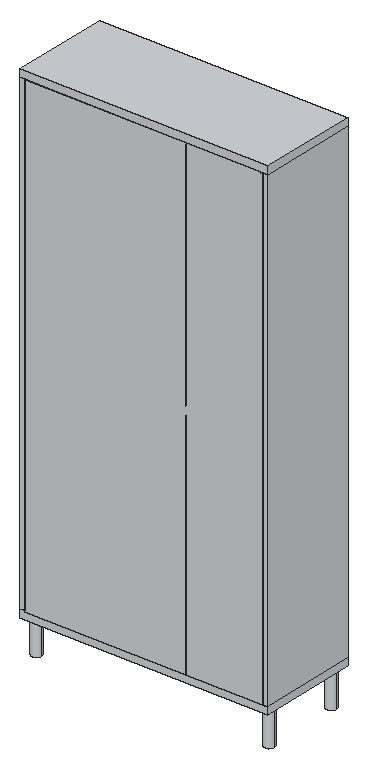
Revit family
Parameters (values of type "1000 x 400mm")
  URL = ""
  Model = ""
  Frame Material = none
  Description = "Shelving unit"
  Base Material = none
  Shelf Material = none
  Manufacturer = "Revit"
  Cost = 0
  Assembly Code = ""
Reference planes
  plane 1 "Centro A/I": y = 0
  plane 2: z = 0
  plane 3 "Centro S/D": x = 0
  plane 4: z = 1140
  plane 5: z = 1110
  plane 6: x = -150
  plane 7: x = -160
  plane 8: x = 170
  plane 9: x = 160
  plane 10: z = 1780
  plane 11: z = 1770
  plane 12: z = 1460
  plane 13: z = 1450
  plane 14: z = 790
  plane 15: z = 780
  plane 16: z = 460
  plane 17: z = 470
Forms (mm)
  Extrusion 1, solid, material <- "Frame Material"
    sketch origin (45.894, 0, 0) x (1, 0, 0) y (0, 1, 0)
      loop
        line (434.106, 208.575) -> (434.106, -191.425) -> (454.106, -191.425) -> (454.106, 208.575) -> (434.106, 208.575)
    from 170 to 2090
  Extrusion 2, solid, material <- "Frame Material"
    sketch origin (-934.106, 0, 0) x (1, 0, 0) y (0, 1, 0)
      loop
        line (434.106, 208.575) -> (434.106, -191.425) -> (454.106, -191.425) -> (454.106, 208.575) -> (434.106, 208.575)
    from 170 to 2090
  Extrusion 3, solid, material <- "Frame Material"
    sketch origin (45.894, 0, 0) x (1, 0, 0) y (0, 1, 0)
      loop
        line (-545.894, 208.575) -> (-545.894, -191.425) -> (454.106, -191.425) -> (454.106, 208.575) -> (-545.894, 208.575)
    from 140 to 170
  Extrusion 4, solid, material <- "Frame Material"
    sketch origin (45.894, 0, 0) x (1, 0, 0) y (0, 1, 0)
      loop
        line (-545.894, 208.575) -> (-545.894, -191.425) -> (454.106, -191.425) -> (454.106, 208.575) -> (-545.894, 208.575)
    from 2090 to 2120
  Extrusion 5, solid, material <- "Base Material"
    sketch origin (70.514, -4.341, 0) x (1, 0, 0) y (0, 1, 0)
      loop
        circle (398.427, -142.477) r 20
    from 0 to 140
  Extrusion 6, solid, material <- "Base Material"
    sketch origin (70.514, 24.341, 0) x (1, 0, 0) y (0, 1, 0)
      loop
        circle (398.427, 142.477) r 20
    from 0 to 140
  Extrusion 7, solid, material <- "Base Material"
    sketch origin (-70.514, -4.341, 0) x (-1, 0, 0) y (0, -1, 0)
      loop
        circle (398.427, 142.477) r 20
    from 0 to 140
  Extrusion 8, solid, material <- "Base Material"
    sketch origin (-70.514, 24.341, 0) x (-1, 0, 0) y (0, -1, 0)
      loop
        circle (398.427, -142.477) r 20
    from 0 to 140
  Extrusion 9, solid, material <- "Frame Material"
    sketch origin (45.894, 0, 0) x (1, 0, 0) y (0, 1, 0)
      loop
        line (-525.894, 208.575) -> (-525.894, -191.425) -> (434.106, -191.425) -> (434.106, 208.575) -> (-525.894, 208.575)
    from 1110 to 1140
  Extrusion 10, solid, material <- "Shelf Material"
    sketch origin (45.894, 0, 120) x (1, 0, 0) y (0, 1, 0)
      loop
        line (-205.894, 194.228) -> (-205.894, -191.425) -> (-195.894, -191.425) -> (-195.894, 194.228) -> (-205.894, 194.228)
    from 1020 to 1970
  Extrusion 11, solid, material <- "Shelf Material"
    sketch origin (365.894, 0, 120) x (1, 0, 0) y (0, 1, 0)
      loop
        line (-205.894, 194.228) -> (-205.894, -191.425) -> (-195.894, -191.425) -> (-195.894, 194.228) -> (-205.894, 194.228)
    from 1020 to 1970
  Extrusion 12, solid, material <- "Shelf Material"
    sketch origin (45.894, 0, -940) x (1, 0, 0) y (0, 1, 0)
      loop
        line (-205.894, 194.228) -> (-205.894, -191.425) -> (-195.894, -191.425) -> (-195.894, 194.228) -> (-205.894, 194.228)
    from 1110 to 2050
  Extrusion 13, solid, material <- "Shelf Material"
    sketch origin (365.894, 0, -940) x (1, 0, 0) y (0, 1, 0)
      loop
        line (-205.894, 194.228) -> (-205.894, -191.425) -> (-195.894, -191.425) -> (-195.894, 194.228) -> (-205.894, 194.228)
    from 1110 to 2050
  Extrusion 14, solid, material <- "Shelf Material"
    sketch origin (195.894, 0, 120) x (1, 0, 0) y (0, 1, 0)
      loop
        line (-25.894, 180) -> (-25.894, -186.276) -> (284.106, -186.276) -> (284.106, 180) -> (-25.894, 180)
    from 1650 to 1660
  Extrusion 15, solid, material <- "Shelf Material"
    sketch origin (-124.106, 0, 120) x (1, 0, 0) y (0, 1, 0)
      loop
        line (-25.894, 180) -> (-25.894, -186.276) -> (284.106, -186.276) -> (284.106, 180) -> (-25.894, 180)
    from 1650 to 1660
  Extrusion 16, solid, material <- "Shelf Material"
    sketch origin (-444.106, 0, 120) x (1, 0, 0) y (0, 1, 0)
      loop
        line (-25.894, 180) -> (-25.894, -186.276) -> (284.106, -186.276) -> (284.106, 180) -> (-25.894, 180)
    from 1650 to 1660
  Extrusion 17, solid, material <- "Shelf Material"
    sketch origin (195.894, 0, -200) x (1, 0, 0) y (0, 1, 0)
      loop
        line (-25.894, 180) -> (-25.894, -186.276) -> (284.106, -186.276) -> (284.106, 180) -> (-25.894, 180)
    from 1650 to 1660
  Extrusion 18, solid, material <- "Shelf Material"
    sketch origin (-124.106, 0, -200) x (1, 0, 0) y (0, 1, 0)
      loop
        line (-25.894, 180) -> (-25.894, -186.276) -> (284.106, -186.276) -> (284.106, 180) -> (-25.894, 180)
    from 1650 to 1660
  Extrusion 19, solid, material <- "Shelf Material"
    sketch origin (-444.106, 0, -200) x (1, 0, 0) y (0, 1, 0)
      loop
        line (-25.894, 180) -> (-25.894, -186.276) -> (284.106, -186.276) -> (284.106, 180) -> (-25.894, 180)
    from 1650 to 1660
  Extrusion 20, solid, material <- "Shelf Material"
    sketch origin (195.894, 0, -870) x (1, 0, 0) y (0, 1, 0)
      loop
        line (-25.894, 180) -> (-25.894, -186.276) -> (284.106, -186.276) -> (284.106, 180) -> (-25.894, 180)
    from 1650 to 1660
  Extrusion 21, solid, material <- "Shelf Material"
    sketch origin (-124.106, 0, -870) x (1, 0, 0) y (0, 1, 0)
      loop
        line (-25.894, 180) -> (-25.894, -186.276) -> (284.106, -186.276) -> (284.106, 180) -> (-25.894, 180)
    from 1650 to 1660
  Extrusion 22, solid, material <- "Shelf Material"
    sketch origin (-444.106, 0, -870) x (1, 0, 0) y (0, 1, 0)
      loop
        line (-25.894, 180) -> (-25.894, -186.276) -> (284.106, -186.276) -> (284.106, 180) -> (-25.894, 180)
    from 1650 to 1660
  Extrusion 23, solid, material <- "Shelf Material"
    sketch origin (195.894, 0, -1190) x (1, 0, 0) y (0, 1, 0)
      loop
        line (-25.894, 180) -> (-25.894, -186.276) -> (284.106, -186.276) -> (284.106, 180) -> (-25.894, 180)
    from 1650 to 1660
  Extrusion 24, solid, material <- "Shelf Material"
    sketch origin (-124.106, 0, -1190) x (1, 0, 0) y (0, 1, 0)
      loop
        line (-25.894, 180) -> (-25.894, -186.276) -> (284.106, -186.276) -> (284.106, 180) -> (-25.894, 180)
    from 1650 to 1660
  Extrusion 25, solid, material <- "Shelf Material"
    sketch origin (-444.106, 0, -1190) x (1, 0, 0) y (0, 1, 0)
      loop
        line (-25.894, 180) -> (-25.894, -186.276) -> (284.106, -186.276) -> (284.106, 180) -> (-25.894, 180)
    from 1650 to 1660
  Extrusion 26, solid, material <- "Shelf Material"
    sketch origin (-114.106, -3, 0) x (1, 0, 0) y (0, 1, 0)
      loop
        line (-365.894, -188.425) -> (-365.894, -191.425) -> (594.106, -191.425) -> (594.106, -188.425) -> (-365.894, -188.425)
    from 170 to 2090
Lines and regions (mm)
  sketch lines
    curve 1: line (-2000, 2000, 0) -> (2000, 2000, 0)
    curve 2: line (-2000, 2000, 0) -> (-2000, -2000, 0)
    curve 3: line (-2000, -2000, 0) -> (2000, -2000, 0)
    curve 4: line (2000, 2000, 0) -> (2000, -2000, 0)
  symbolic lines
    curve 5: line (-500, 208.575, 0) -> (500, 208.575, 0)
    curve 6: line (-500, -191.425, 0) -> (-500, 208.575, 0)
    curve 7: line (500, -191.425, 0) -> (-500, -191.425, 0)
    curve 8: line (500, 208.575, 0) -> (500, -191.425, 0)
Dimensions and locks
  aligned and locked: curve 5 to Extrusion 2
  aligned and locked: curve 5 to Extrusion 3
  aligned and locked: Extrusion 3 to curve 8
  aligned and locked: curve 8 to Extrusion 1
Automatic sketch dimensions
  curve 2 to curve 3 = 4000 mm
  curve 2 to curve 2 = 4000 mm
  plane 3 "Centro S/D" to Extrusion 1 sketch curve = 480 mm
  Extrusion 1 sketch curve to Extrusion 1 sketch curve = 20 mm
  plane 1 "Centro A/I" to Extrusion 1 sketch curve = 191.425 mm
  Extrusion 1 sketch curve to plane 1 "Centro A/I" = 208.575 mm
  plane 1 "Centro A/I" to Extrusion 2 sketch curve = 191.425 mm
  Extrusion 2 sketch curve to plane 3 "Centro S/D" = 500 mm
  Extrusion 2 sketch curve to Extrusion 2 sketch curve = 20 mm
  Extrusion 2 sketch curve to plane 1 "Centro A/I" = 208.575 mm
  plane 1 "Centro A/I" to Extrusion 3 sketch curve = 191.425 mm
  Extrusion 3 sketch curve to plane 3 "Centro S/D" = 500 mm
  plane 3 "Centro S/D" to Extrusion 3 sketch curve = 500 mm
  Extrusion 3 sketch curve to plane 1 "Centro A/I" = 208.575 mm
  plane 1 "Centro A/I" to Extrusion 4 sketch curve = 191.425 mm
  Extrusion 4 sketch curve to plane 3 "Centro S/D" = 500 mm
  plane 3 "Centro S/D" to Extrusion 4 sketch curve = 500 mm
  Extrusion 4 sketch curve to plane 1 "Centro A/I" = 208.575 mm
  plane 3 "Centro S/D" to Extrusion 5 sketch curve = 448.941 mm
  Extrusion 5 sketch curve to Extrusion 5 sketch curve = 20 mm
  plane 1 "Centro A/I" to Extrusion 5 sketch curve = 146.819 mm
  plane 3 "Centro S/D" to Extrusion 6 sketch curve = 448.941 mm
  Extrusion 6 sketch curve to Extrusion 6 sketch curve = 20 mm
  Extrusion 6 sketch curve to plane 1 "Centro A/I" = 166.819 mm
  plane 1 "Centro A/I" to Extrusion 7 sketch curve = 146.819 mm
  Extrusion 7 sketch curve to plane 3 "Centro S/D" = 448.941 mm
  Extrusion 7 sketch curve to Extrusion 7 sketch curve = 20 mm
  Extrusion 8 sketch curve to plane 1 "Centro A/I" = 166.819 mm
  Extrusion 8 sketch curve to plane 3 "Centro S/D" = 448.941 mm
  Extrusion 8 sketch curve to Extrusion 8 sketch curve = 20 mm
  plane 1 "Centro A/I" to Extrusion 9 sketch curve = 191.425 mm
  Extrusion 9 sketch curve to plane 3 "Centro S/D" = 480 mm
  plane 3 "Centro S/D" to Extrusion 9 sketch curve = 480 mm
  Extrusion 9 sketch curve to plane 1 "Centro A/I" = 208.575 mm
  plane 7 to Extrusion 10 sketch curve = 0 mm
  plane 8 to Extrusion 10 sketch curve = 320 mm
  plane 1 "Centro A/I" to Extrusion 10 sketch curve = 191.425 mm
  Extrusion 10 sketch curve to plane 1 "Centro A/I" = 194.228 mm
  Extrusion 11 sketch curve to plane 9 = 0 mm
  Extrusion 11 sketch curve to plane 8 = 0 mm
  plane 1 "Centro A/I" to Extrusion 11 sketch curve = 191.425 mm
  Extrusion 11 sketch curve to plane 1 "Centro A/I" = 194.228 mm
  Extrusion 12 sketch curve to plane 7 = 0 mm
  Extrusion 12 sketch curve to plane 6 = 0 mm
  plane 1 "Centro A/I" to Extrusion 12 sketch curve = 191.425 mm
  Extrusion 12 sketch curve to plane 1 "Centro A/I" = 194.228 mm
  Extrusion 13 sketch curve to plane 9 = 0 mm
  Extrusion 13 sketch curve to plane 8 = 0 mm
  plane 1 "Centro A/I" to Extrusion 13 sketch curve = 191.425 mm
  Extrusion 13 sketch curve to plane 1 "Centro A/I" = 194.228 mm
  plane 3 "Centro S/D" to Extrusion 14 sketch curve = 480 mm
  Extrusion 14 sketch curve to Extrusion 14 sketch curve = 310 mm
  plane 1 "Centro A/I" to Extrusion 14 sketch curve = 186.276 mm
  Extrusion 14 sketch curve to plane 1 "Centro A/I" = 180 mm
  Extrusion 15 sketch curve to Extrusion 15 sketch curve = 310 mm
  Extrusion 16 sketch curve to plane 7 = 0 mm
  plane 7 to Extrusion 16 sketch curve = 310 mm
  plane 1 "Centro A/I" to Extrusion 16 sketch curve = 186.276 mm
  Extrusion 16 sketch curve to plane 1 "Centro A/I" = 180 mm
  Extrusion 17 sketch curve to plane 8 = 0 mm
  Extrusion 17 sketch curve to Extrusion 17 sketch curve = 310 mm
  plane 1 "Centro A/I" to Extrusion 17 sketch curve = 186.276 mm
  Extrusion 17 sketch curve to plane 1 "Centro A/I" = 180 mm
  Extrusion 18 sketch curve to plane 6 = 0 mm
  Extrusion 18 sketch curve to plane 9 = 0 mm
  plane 1 "Centro A/I" to Extrusion 18 sketch curve = 186.276 mm
  Extrusion 18 sketch curve to plane 1 "Centro A/I" = 180 mm
  Extrusion 19 sketch curve to plane 7 = 0 mm
  plane 7 to Extrusion 19 sketch curve = 310 mm
  plane 1 "Centro A/I" to Extrusion 19 sketch curve = 186.276 mm
  Extrusion 19 sketch curve to plane 1 "Centro A/I" = 180 mm
  Extrusion 20 sketch curve to plane 8 = 0 mm
  Extrusion 20 sketch curve to Extrusion 20 sketch curve = 310 mm
  plane 1 "Centro A/I" to Extrusion 20 sketch curve = 186.276 mm
  Extrusion 20 sketch curve to plane 1 "Centro A/I" = 180 mm
  Extrusion 21 sketch curve to plane 6 = 0 mm
  Extrusion 21 sketch curve to plane 9 = 0 mm
  plane 1 "Centro A/I" to Extrusion 21 sketch curve = 186.276 mm
  Extrusion 21 sketch curve to plane 1 "Centro A/I" = 180 mm
  Extrusion 22 sketch curve to plane 7 = 0 mm
  plane 7 to Extrusion 22 sketch curve = 310 mm
  plane 1 "Centro A/I" to Extrusion 22 sketch curve = 186.276 mm
  Extrusion 22 sketch curve to plane 1 "Centro A/I" = 180 mm
  Extrusion 23 sketch curve to plane 8 = 0 mm
  Extrusion 23 sketch curve to Extrusion 23 sketch curve = 310 mm
  plane 1 "Centro A/I" to Extrusion 23 sketch curve = 186.276 mm
  Extrusion 23 sketch curve to plane 1 "Centro A/I" = 180 mm
  Extrusion 24 sketch curve to plane 6 = 0 mm
  Extrusion 24 sketch curve to plane 9 = 0 mm
  plane 1 "Centro A/I" to Extrusion 24 sketch curve = 186.276 mm
  Extrusion 24 sketch curve to plane 1 "Centro A/I" = 180 mm
  Extrusion 25 sketch curve to plane 7 = 0 mm
  plane 7 to Extrusion 25 sketch curve = 310 mm
  plane 1 "Centro A/I" to Extrusion 25 sketch curve = 186.276 mm
  Extrusion 25 sketch curve to plane 1 "Centro A/I" = 180 mm
  plane 8 to Extrusion 26 sketch curve = 650 mm
  Extrusion 26 sketch curve to Extrusion 26 sketch curve = 960 mm
  plane 1 "Centro A/I" to Extrusion 26 sketch curve = 194.425 mm
  plane 1 "Centro A/I" to Extrusion 26 sketch curve = 191.425 mm
